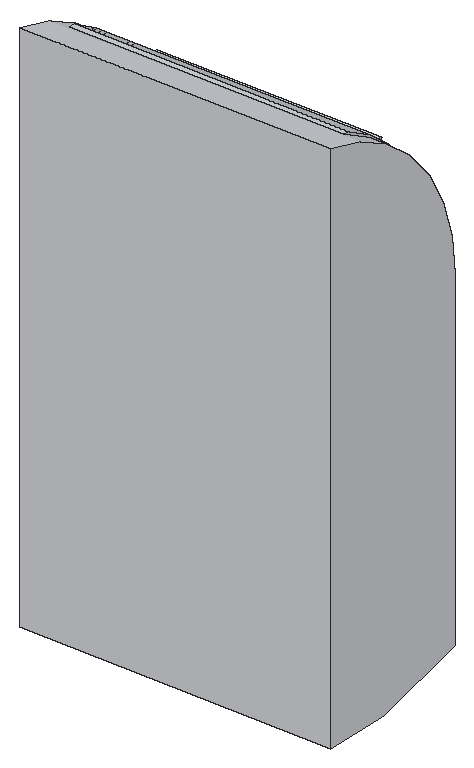
Revit family "DAN DRYER Stainless Design Mini Design 283", category Furniture Systems, host Wall, Revit 2018
Family settings
  Host = Wall
  Round Connector Dimension = Use Diameter
  Part Type = Normal
  Always vertical = Yes
  Cut with Voids When Loaded = No
  Shared = No
  Room Calculation Point = No
Parameters (values of type "Stål")
  Wicth = 279 mm
  URL = "http://www.dandryer.com/Files/Billeder/PDF/Datablade/Nye/Technical%20data%20sheet_%20283.pdf"
  Type Image = <None>
  Offset from Floor = 1000 mm
  Model = "Stainless design"
  Manufacturer = "http://www.dandryer.com/"
  Height = 482 mm
  Description = "STAINLESS DESIGN, sanitary bin Art. no. 283"
  Cost = 0
Reference planes
  plane 1 "Wall": y = 0
  plane 2 "Center (Left/Right)": x = 125
  plane 3 "Back": y = 75
  plane 4 "Top": z = 1000
  plane 5 "Bund": z = 518
  plane 6: x = 264.5
  plane 7: x = -14.5
Forms (mm)
  Extrusion 1, solid
    sketch origin (125, 0, 0) x (0, 1, 0) y (0, 0, 1)
      loop
        line (75, 518) -> (135, 518) -> (214, 539.168) -> (214, 837.508)
        arc (214, 837.508) -> (174.509, 944.424) -> (75, 1000) r 164.477
        line (75, 1000) -> (75, 518)
    from -139.5 to 139.5
  Extrusion 2, solid
    sketch origin (125, 0, 0) x (0, 1, 0) y (0, 0, 1)
      loop
        line (193.634, 916.783) -> (194.944, 916.783)
        arc (194.944, 916.783) -> (162.136, 959.38) -> (117.492, 989.344) r 167
        line (117.492, 989.344) -> (112.757, 989.344)
        arc (112.757, 989.344) -> (159.361, 959.935) -> (193.634, 916.783) r 164.477
    from -124.739 to 121.484
  Extrusion 3, solid
    sketch origin (125, 0, 0) x (0, 1, 0) y (0, 0, 1)
      loop
        line (174.737, 946.438) -> (179.023, 950.12) -> (177.463, 951.679) -> (173.229, 947.946) -> (174.737, 946.438)
    from -98.511 to 102.271
Text (mm)
  text "Placement Side" at (-1848.837, 1116.779, 0), in view "Ref. Level"
  text "Placement side" at (0, 1409.804, 2854.306), in view "Left"
  text "Placement side" at (0, 499.811, 2980.732), in view "Right"
Dimensions and locks
  locked: plane 3 "Back" to host wall
  "Height": plane 5 "Bund" to plane 4 "Top"
  equal spacing: plane 7, plane 2 "Center (Left/Right)", plane 6
  "Wicth": plane 7 to plane 6
  "Offset from Floor": level to plane 4 "Top"
  aligned and locked: plane 1 "Wall" to host wall
  aligned and locked: Extrusion 1 to plane 7
  aligned and locked: Extrusion 1 to plane 6
  aligned and locked: plane 4 "Top" to Extrusion 1 sketch curve
  aligned and locked: host wall to Extrusion 1 sketch curve
Automatic sketch dimensions
  Extrusion 1 sketch curve to plane 5 "Bund" = 0 mm
  Extrusion 1 sketch curve to host wall = 25.477 mm
  Extrusion 1 sketch curve to Extrusion 1 sketch curve = 60 mm
  plane 5 "Bund" to Extrusion 1 sketch curve = 21.168 mm
  Extrusion 1 sketch curve to Extrusion 1 sketch curve = 79 mm
  Extrusion 2 sketch curve to Extrusion 2 sketch curve = 1.562 mm
  Extrusion 2 sketch curve to Extrusion 2 sketch curve = 0 mm
  host wall to Extrusion 2 sketch curve = 37.757 mm
  Extrusion 2 sketch curve to host wall = 25.477 mm
  Extrusion 2 sketch curve to plane 4 "Top" = 10.656 mm
  Extrusion 2 sketch curve to Extrusion 2 sketch curve = 4.735 mm
  Extrusion 2 sketch curve to Extrusion 2 sketch curve = 1.31 mm
  Extrusion 2 sketch curve to plane 4 "Top" = 83.217 mm
  Extrusion 3 sketch curve to plane 4 "Top" = 48.321 mm
  host wall to Extrusion 3 sketch curve = 102.463 mm
  Extrusion 3 sketch curve to plane 4 "Top" = 49.88 mm
  Extrusion 3 sketch curve to Extrusion 3 sketch curve = 1.559 mm
  Extrusion 3 sketch curve to Extrusion 3 sketch curve = 4.285 mm
  Extrusion 3 sketch curve to Extrusion 3 sketch curve = 1.508 mm  (x2)
  Extrusion 3 sketch curve to Extrusion 3 sketch curve = 3.733 mm
